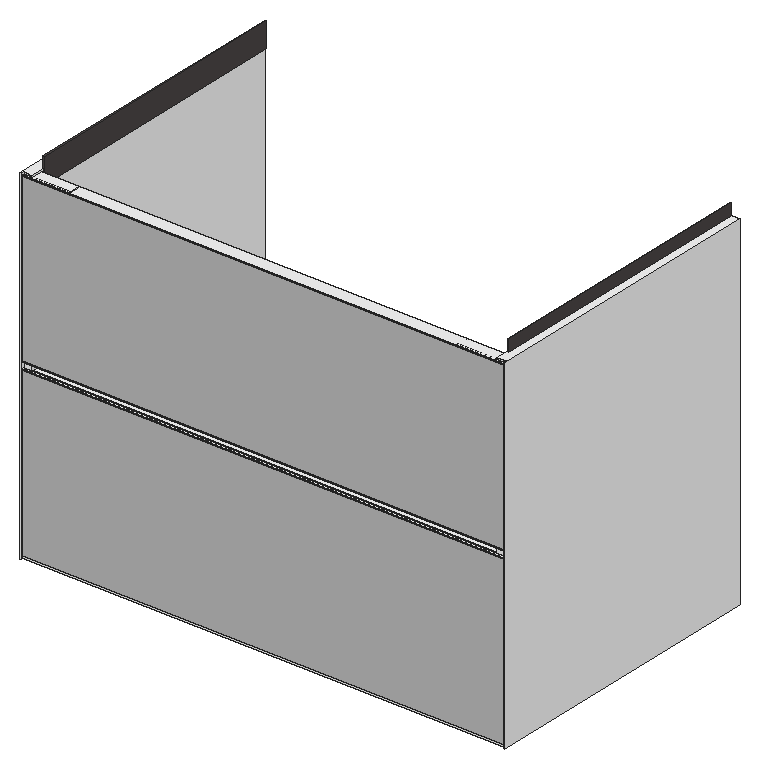
Revit family "vanity unit-hansgrohe-54178XXX-Xevolos E Vanity unit Matt White 780_475 with 2 drawers for washbasin", category Furniture, Revit 2019
Family settings
  OmniClass Number = 23.40.00.00
  OmniClass Title = Equipment and Furnishings
  Work Plane-Based = No
  Always vertical = Yes
  Cut with Voids When Loaded = No
  Shared = Yes
  Room Calculation Point = No
Parameters (values of type "54178320-MATT_WHITE-METALLIC_WHITE-400")
  etim7_EC011381 = "EC011381"
  WEIGHT = "37.3"
  UNSPSC = "56 | Furniture and Furnishings"
  UNIFORMATII = "E2010 | Fixed Furnishings"
  UNICLASS_2015_CODE = "40_30_78_05"
  UNICLASS2015 = "Pr_40_30_78_05 | Bathroom furniture"
  SURFACE = "METALLIC_WHITE"
  REGION = "Worldwide"
  PRODUCTURL = "https://pro.hansgrohe.com/articledetail--54178320"
  PERMALINK = "54178XXX"
  OMNICLASS = "23-21 19 15 33 13 | Residential Bathroom Specialty Casework"
  OBJECTTYPE = "Object (single object)"
  OBERFLAECHE = "MATT_WHITE"
  NN = "Vanity unit with 2 drawers for handrinse basin"
  NBSYN = "$ARTNR.-$OBERFLAECHE.-$SURFACE.-$LODLEVEL."
  NB = "54178320-MATT_WHITE-METALLIC_WHITE-400"
  NAME = "Xevolos E Vanity unit Matt White 780/475 with 2 drawers for washbasin"
  Model = "54178320-MATT_WHITE-METALLIC_WHITE-400"
  Manufacturer = "Hansgrohe"
  MIdent = "{$CADENAS_DATA/23d-libs/hansgrohe/xevolos_furniture/xevolos_vanity_unit_2_drawers_handrinse_basin/vanity_unit_2_drawers_for_handrinse_basin.prj},265 {VTYP=3D},{NB=54178320-MATT_WHITE-METALLIC_WHITE-400},{LINA=54178320-MATT_WHITE-METALLIC_WHITE-400},{NN=Vanity unit with 2 drawers for handrinse basin},{DATE=13.03.2023 12:26:32},{GEOMDATE=12.03.2023 06:54:00},{VERSION=},{LINEID=680},{WBVAR=LODLEVEL},{WBNUMERIC=}  {NB=54178320-MATT_WHITE-METALLIC_WHITE-400},{LINA=54178320-MATT_WHITE-METALLIC_WHITE-400},{KT=DUMMY},{IDNR=19},{ARTNR=54178320},{BASENUMBER=54178},{MODEL=54178XXX},{OBERFLAECHE=MATT_WHITE},{SURFACE=METALLIC_WHITE},{L=780},{LODLEVEL=400},{LODLEVELX='400','400','200','200'},{NAME=Xevolos E Vanity unit Matt White 780/475 with 2 drawers for washbasin},{PERMALINK=54178XXX},{OBJECTTYPE=Object (single object)},{BIMOBJECT=Sanitary: Compound units},{COLLECTIONSET=Xevolos E},{COLLECTION=vanity unit},{WEIGHT=37.3},{DESCRIPTION=Xevolos E Vanity unit Matt White 780/475 with 2 drawers for washbasin},{PRODUCTURL=https://pro.hansgrohe.com/articledetail--54178320},{GTINCODE=0},{TENDERURL=0},{IFC=Furnishing element},{ETIM=EC011381 | Bathroom furniture set},{UNICLASS2015=Pr_40_30_78_05 | Bathroom furniture},{OMNICLASS=23-21 19 15 33 13 | Residential Bathroom Specialty Casework},{MASTERFORMAT=12 35 30.23 | Bathroom Casework},{UNSPSC=56 | Furniture and Furnishings},{UNIFORMATII=E2010 | Fixed Furnishings},{REGION=Worldwide},{DESIGN=Germany},{MANUFACTURER=Germany}"
  MASTERFORMAT = "12 35 30.23 | Bathroom Casework"
  LODLEVEL = "400"
  LINA = "54178320-MATT_WHITE-METALLIC_WHITE-400"
  L = 780
  IFC = "Furnishing element"
  IDNR = 19
  ETIM = "EC011381 | Bathroom furniture set"
  DESIGN = "Germany"
  COLLECTIONSET = "Xevolos E"
  COLLECTION = "vanity unit"
  CATALOG = "Hansgrohe"
  BIMOBJECT = "Sanitary: Compound units"
  BASENUMBER = "54178"
  ARTNR = "54178320"
  54178730-MATT_WHITE-DARK_OAK-400_RX0RY0RZ0TX0TY0TZ0_V = no
  54178730-MATT_WHITE-DARK_OAK-200_RX0RY0RZ0TX0TY0TZ0_V = no
  54178390-MATT_WHITE-PATTEREND_BRONZE-400_RX0RY0RZ0TX0TY0TZ0_V = no
  54178390-MATT_WHITE-PATTEREND_BRONZE-200_RX0RY0RZ0TX0TY0TZ0_V = no
  54178320-MATT_WHITE-METALLIC_WHITE-400_RX0RY0RZ0TX0TY0TZ0_V = yes
  54178320-MATT_WHITE-METALLIC_WHITE-200_RX0RY0RZ0TX0TY0TZ0_V = no
Types (6, lengths in mm): name | SURFACE | NB | Model | MIdent | LODLEVEL | LINA | IDNR | ARTNR | 54178730-MATT_WHITE-DARK_OAK-400_RX0RY0RZ0TX0TY0TZ0_V | 54178730-MATT_WHITE-DARK_OAK-200_RX0RY0RZ0TX0TY0TZ0_V | 54178390-MATT_WHITE-PATTEREND_BRONZE-400_RX0RY0RZ0TX0TY0TZ0_V | 54178390-MATT_WHITE-PATTEREND_BRONZE-200_RX0RY0RZ0TX0TY0TZ0_V | 54178320-MATT_WHITE-METALLIC_WHITE-400_RX0RY0RZ0TX0TY0TZ0_V | 54178320-MATT_WHITE-METALLIC_WHITE-200_RX0RY0RZ0TX0TY0TZ0_V
  54178320-MATT_WHITE-METALLIC_WHITE-200 | "METALLIC_WHITE" | "54178320-MATT_WHITE-METALLIC_WHITE-200" | "54178320-MATT_WHITE-METALLIC_WHITE-200" | "{$CADENAS_DATA/23d-libs/hansgrohe/xevolos_furniture/xevolos_vanity_unit_2_drawers_handrinse_basin/vanity_unit_2_drawers_for_handrinse_basin.prj},265 {VTYP=3D},{NB=54178320-MATT_WHITE-METALLIC_WHITE-200},{LINA=54178320-MATT_WHITE-METALLIC_WHITE-200},{NN=Vanity unit with 2 drawers for handrinse basin},{DATE=13.03.2023 12:26:32},{GEOMDATE=12.03.2023 06:54:00},{VERSION=},{LINEID=680},{WBVAR=LODLEVEL},{WBNUMERIC=}  {NB=54178320-MATT_WHITE-METALLIC_WHITE-200},{LINA=54178320-MATT_WHITE-METALLIC_WHITE-200},{KT=DUMMY},{IDNR=19},{ARTNR=54178320},{BASENUMBER=54178},{MODEL=54178XXX},{OBERFLAECHE=MATT_WHITE},{SURFACE=METALLIC_WHITE},{L=780},{LODLEVEL=200},{LODLEVELX='400','400','200','200'},{NAME=Xevolos E Vanity unit Matt White 780/475 with 2 drawers for washbasin},{PERMALINK=54178XXX},{OBJECTTYPE=Object (single object)},{BIMOBJECT=Sanitary: Compound units},{COLLECTIONSET=Xevolos E},{COLLECTION=vanity unit},{WEIGHT=37.3},{DESCRIPTION=Xevolos E Vanity unit Matt White 780/475 with 2 drawers for washbasin},{PRODUCTURL=https://pro.hansgrohe.com/articledetail--54178320},{GTINCODE=0},{TENDERURL=0},{IFC=Furnishing element},{ETIM=EC011381 | Bathroom furniture set},{UNICLASS2015=Pr_40_30_78_05 | Bathroom furniture},{OMNICLASS=23-21 19 15 33 13 | Residential Bathroom Specialty Casework},{MASTERFORMAT=12 35 30.23 | Bathroom Casework},{UNSPSC=56 | Furniture and Furnishings},{UNIFORMATII=E2010 | Fixed Furnishings},{REGION=Worldwide},{DESIGN=Germany},{MANUFACTURER=Germany}" | "200" | "54178320-MATT_WHITE-METALLIC_WHITE-200" | 19 | "54178320" | no | no | no | no | no | yes
  54178320-MATT_WHITE-METALLIC_WHITE-400 | "METALLIC_WHITE" | "54178320-MATT_WHITE-METALLIC_WHITE-400" | "54178320-MATT_WHITE-METALLIC_WHITE-400" | "{$CADENAS_DATA/23d-libs/hansgrohe/xevolos_furniture/xevolos_vanity_unit_2_drawers_handrinse_basin/vanity_unit_2_drawers_for_handrinse_basin.prj},265 {VTYP=3D},{NB=54178320-MATT_WHITE-METALLIC_WHITE-400},{LINA=54178320-MATT_WHITE-METALLIC_WHITE-400},{NN=Vanity unit with 2 drawers for handrinse basin},{DATE=13.03.2023 12:26:32},{GEOMDATE=12.03.2023 06:54:00},{VERSION=},{LINEID=680},{WBVAR=LODLEVEL},{WBNUMERIC=}  {NB=54178320-MATT_WHITE-METALLIC_WHITE-400},{LINA=54178320-MATT_WHITE-METALLIC_WHITE-400},{KT=DUMMY},{IDNR=19},{ARTNR=54178320},{BASENUMBER=54178},{MODEL=54178XXX},{OBERFLAECHE=MATT_WHITE},{SURFACE=METALLIC_WHITE},{L=780},{LODLEVEL=400},{LODLEVELX='400','400','200','200'},{NAME=Xevolos E Vanity unit Matt White 780/475 with 2 drawers for washbasin},{PERMALINK=54178XXX},{OBJECTTYPE=Object (single object)},{BIMOBJECT=Sanitary: Compound units},{COLLECTIONSET=Xevolos E},{COLLECTION=vanity unit},{WEIGHT=37.3},{DESCRIPTION=Xevolos E Vanity unit Matt White 780/475 with 2 drawers for washbasin},{PRODUCTURL=https://pro.hansgrohe.com/articledetail--54178320},{GTINCODE=0},{TENDERURL=0},{IFC=Furnishing element},{ETIM=EC011381 | Bathroom furniture set},{UNICLASS2015=Pr_40_30_78_05 | Bathroom furniture},{OMNICLASS=23-21 19 15 33 13 | Residential Bathroom Specialty Casework},{MASTERFORMAT=12 35 30.23 | Bathroom Casework},{UNSPSC=56 | Furniture and Furnishings},{UNIFORMATII=E2010 | Fixed Furnishings},{REGION=Worldwide},{DESIGN=Germany},{MANUFACTURER=Germany}" | "400" | "54178320-MATT_WHITE-METALLIC_WHITE-400" | 19 | "54178320" | no | no | no | no | yes | no
  54178390-MATT_WHITE-PATTEREND_BRONZE-200 | "PATTEREND_BRONZE" | "54178390-MATT_WHITE-PATTEREND_BRONZE-200" | "54178390-MATT_WHITE-PATTEREND_BRONZE-200" | "{$CADENAS_DATA/23d-libs/hansgrohe/xevolos_furniture/xevolos_vanity_unit_2_drawers_handrinse_basin/vanity_unit_2_drawers_for_handrinse_basin.prj},269 {VTYP=3D},{NB=54178390-MATT_WHITE-PATTEREND_BRONZE-200},{LINA=54178390-MATT_WHITE-PATTEREND_BRONZE-200},{NN=Vanity unit with 2 drawers for handrinse basin},{DATE=13.03.2023 12:26:32},{GEOMDATE=12.03.2023 06:54:00},{VERSION=},{LINEID=690},{WBVAR=LODLEVEL},{WBNUMERIC=}  {NB=54178390-MATT_WHITE-PATTEREND_BRONZE-200},{LINA=54178390-MATT_WHITE-PATTEREND_BRONZE-200},{KT=DUMMY},{IDNR=20},{ARTNR=54178390},{BASENUMBER=54178},{MODEL=54178XXX},{OBERFLAECHE=MATT_WHITE},{SURFACE=PATTEREND_BRONZE},{L=780},{LODLEVEL=200},{LODLEVELX='400','400','200','200'},{NAME=Xevolos E Vanity unit Matt White 780/475 with 2 drawers for washbasin},{PERMALINK=54178XXX},{OBJECTTYPE=Object (single object)},{BIMOBJECT=Sanitary: Compound units},{COLLECTIONSET=Xevolos E},{COLLECTION=vanity unit},{WEIGHT=37.3},{DESCRIPTION=Xevolos E Vanity unit Matt White 780/475 with 2 drawers for washbasin},{PRODUCTURL=https://pro.hansgrohe.com/articledetail--54178320},{GTINCODE=0},{TENDERURL=0},{IFC=Furnishing element},{ETIM=EC011381 | Bathroom furniture set},{UNICLASS2015=Pr_40_30_78_05 | Bathroom furniture},{OMNICLASS=23-21 19 15 33 13 | Residential Bathroom Specialty Casework},{MASTERFORMAT=12 35 30.23 | Bathroom Casework},{UNSPSC=56 | Furniture and Furnishings},{UNIFORMATII=E2010 | Fixed Furnishings},{REGION=Worldwide},{DESIGN=Germany},{MANUFACTURER=Germany}" | "200" | "54178390-MATT_WHITE-PATTEREND_BRONZE-200" | 20 | "54178390" | no | no | no | yes | no | no
  54178390-MATT_WHITE-PATTEREND_BRONZE-400 | "PATTEREND_BRONZE" | "54178390-MATT_WHITE-PATTEREND_BRONZE-400" | "54178390-MATT_WHITE-PATTEREND_BRONZE-400" | "{$CADENAS_DATA/23d-libs/hansgrohe/xevolos_furniture/xevolos_vanity_unit_2_drawers_handrinse_basin/vanity_unit_2_drawers_for_handrinse_basin.prj},269 {VTYP=3D},{NB=54178390-MATT_WHITE-PATTEREND_BRONZE-400},{LINA=54178390-MATT_WHITE-PATTEREND_BRONZE-400},{NN=Vanity unit with 2 drawers for handrinse basin},{DATE=13.03.2023 12:26:32},{GEOMDATE=12.03.2023 06:54:00},{VERSION=},{LINEID=690},{WBVAR=LODLEVEL},{WBNUMERIC=}  {NB=54178390-MATT_WHITE-PATTEREND_BRONZE-400},{LINA=54178390-MATT_WHITE-PATTEREND_BRONZE-400},{KT=DUMMY},{IDNR=20},{ARTNR=54178390},{BASENUMBER=54178},{MODEL=54178XXX},{OBERFLAECHE=MATT_WHITE},{SURFACE=PATTEREND_BRONZE},{L=780},{LODLEVEL=400},{LODLEVELX='400','400','200','200'},{NAME=Xevolos E Vanity unit Matt White 780/475 with 2 drawers for washbasin},{PERMALINK=54178XXX},{OBJECTTYPE=Object (single object)},{BIMOBJECT=Sanitary: Compound units},{COLLECTIONSET=Xevolos E},{COLLECTION=vanity unit},{WEIGHT=37.3},{DESCRIPTION=Xevolos E Vanity unit Matt White 780/475 with 2 drawers for washbasin},{PRODUCTURL=https://pro.hansgrohe.com/articledetail--54178320},{GTINCODE=0},{TENDERURL=0},{IFC=Furnishing element},{ETIM=EC011381 | Bathroom furniture set},{UNICLASS2015=Pr_40_30_78_05 | Bathroom furniture},{OMNICLASS=23-21 19 15 33 13 | Residential Bathroom Specialty Casework},{MASTERFORMAT=12 35 30.23 | Bathroom Casework},{UNSPSC=56 | Furniture and Furnishings},{UNIFORMATII=E2010 | Fixed Furnishings},{REGION=Worldwide},{DESIGN=Germany},{MANUFACTURER=Germany}" | "400" | "54178390-MATT_WHITE-PATTEREND_BRONZE-400" | 20 | "54178390" | no | no | yes | no | no | no
  54178730-MATT_WHITE-DARK_OAK-200 | "DARK_OAK" | "54178730-MATT_WHITE-DARK_OAK-200" | "54178730-MATT_WHITE-DARK_OAK-200" | "{$CADENAS_DATA/23d-libs/hansgrohe/xevolos_furniture/xevolos_vanity_unit_2_drawers_handrinse_basin/vanity_unit_2_drawers_for_handrinse_basin.prj},253 {VTYP=3D},{NB=54178730-MATT_WHITE-DARK_OAK-200},{LINA=54178730-MATT_WHITE-DARK_OAK-200},{NN=Vanity unit with 2 drawers for handrinse basin},{DATE=13.03.2023 12:26:32},{GEOMDATE=12.03.2023 06:54:00},{VERSION=},{LINEID=700},{WBVAR=LODLEVEL},{WBNUMERIC=}  {NB=54178730-MATT_WHITE-DARK_OAK-200},{LINA=54178730-MATT_WHITE-DARK_OAK-200},{KT=DUMMY},{IDNR=21},{ARTNR=54178730},{BASENUMBER=54178},{MODEL=54178XXX},{OBERFLAECHE=MATT_WHITE},{SURFACE=DARK_OAK},{L=780},{LODLEVEL=200},{LODLEVELX='400','400','200','200'},{NAME=Xevolos E Vanity unit Matt White 780/475 with 2 drawers for washbasin},{PERMALINK=54178XXX},{OBJECTTYPE=Object (single object)},{BIMOBJECT=Sanitary: Compound units},{COLLECTIONSET=Xevolos E},{COLLECTION=vanity unit},{WEIGHT=37.3},{DESCRIPTION=Xevolos E Vanity unit Matt White 780/475 with 2 drawers for washbasin},{PRODUCTURL=https://pro.hansgrohe.com/articledetail--54178320},{GTINCODE=0},{TENDERURL=0},{IFC=Furnishing element},{ETIM=EC011381 | Bathroom furniture set},{UNICLASS2015=Pr_40_30_78_05 | Bathroom furniture},{OMNICLASS=23-21 19 15 33 13 | Residential Bathroom Specialty Casework},{MASTERFORMAT=12 35 30.23 | Bathroom Casework},{UNSPSC=56 | Furniture and Furnishings},{UNIFORMATII=E2010 | Fixed Furnishings},{REGION=Worldwide},{DESIGN=Germany},{MANUFACTURER=Germany}" | "200" | "54178730-MATT_WHITE-DARK_OAK-200" | 21 | "54178730" | no | yes | no | no | no | no
  54178730-MATT_WHITE-DARK_OAK-400 | "DARK_OAK" | "54178730-MATT_WHITE-DARK_OAK-400" | "54178730-MATT_WHITE-DARK_OAK-400" | "{$CADENAS_DATA/23d-libs/hansgrohe/xevolos_furniture/xevolos_vanity_unit_2_drawers_handrinse_basin/vanity_unit_2_drawers_for_handrinse_basin.prj},253 {VTYP=3D},{NB=54178730-MATT_WHITE-DARK_OAK-400},{LINA=54178730-MATT_WHITE-DARK_OAK-400},{NN=Vanity unit with 2 drawers for handrinse basin},{DATE=13.03.2023 12:26:32},{GEOMDATE=12.03.2023 06:54:00},{VERSION=},{LINEID=700},{WBVAR=LODLEVEL},{WBNUMERIC=}  {NB=54178730-MATT_WHITE-DARK_OAK-400},{LINA=54178730-MATT_WHITE-DARK_OAK-400},{KT=DUMMY},{IDNR=21},{ARTNR=54178730},{BASENUMBER=54178},{MODEL=54178XXX},{OBERFLAECHE=MATT_WHITE},{SURFACE=DARK_OAK},{L=780},{LODLEVEL=400},{LODLEVELX='400','400','200','200'},{NAME=Xevolos E Vanity unit Matt White 780/475 with 2 drawers for washbasin},{PERMALINK=54178XXX},{OBJECTTYPE=Object (single object)},{BIMOBJECT=Sanitary: Compound units},{COLLECTIONSET=Xevolos E},{COLLECTION=vanity unit},{WEIGHT=37.3},{DESCRIPTION=Xevolos E Vanity unit Matt White 780/475 with 2 drawers for washbasin},{PRODUCTURL=https://pro.hansgrohe.com/articledetail--54178320},{GTINCODE=0},{TENDERURL=0},{IFC=Furnishing element},{ETIM=EC011381 | Bathroom furniture set},{UNICLASS2015=Pr_40_30_78_05 | Bathroom furniture},{OMNICLASS=23-21 19 15 33 13 | Residential Bathroom Specialty Casework},{MASTERFORMAT=12 35 30.23 | Bathroom Casework},{UNSPSC=56 | Furniture and Furnishings},{UNIFORMATII=E2010 | Fixed Furnishings},{REGION=Worldwide},{DESIGN=Germany},{MANUFACTURER=Germany}" | "400" | "54178730-MATT_WHITE-DARK_OAK-400" | 21 | "54178730" | yes | no | no | no | no | no
Reference planes
  plane 1 "Center (Front/Back)": y = 0
  plane 2: z = 0
  plane 3 "Center (Left/Right)": x = 0
Dimensions and locks
  aligned and locked: level to plane 2
Nested families
  nested 1: "54178320-matt_white-metallic_white-200_content" at (0, 0, 0), visible <- "54178320-MATT_WHITE-METALLIC_WHITE-200_RX0RY0RZ0TX0TY0TZ0_V", ContentVisible <- "54178320-MATT_WHITE-METALLIC_WHITE-200_RX0RY0RZ0TX0TY0TZ0_V", type "54178320-MATT_WHITE-METALLIC_WHITE-200_Content"
    with ContentVisible no
  nested 2: "54178320-matt_white-metallic_white-400_content" at (0, 0, 0), visible <- "54178320-MATT_WHITE-METALLIC_WHITE-400_RX0RY0RZ0TX0TY0TZ0_V", ContentVisible <- "54178320-MATT_WHITE-METALLIC_WHITE-400_RX0RY0RZ0TX0TY0TZ0_V", type "54178320-MATT_WHITE-METALLIC_WHITE-400_Content"
    with ContentVisible yes
  nested 3: "54178390-matt_white-patterend_bronze-200_content" at (0, 0, 0), visible <- "54178390-MATT_WHITE-PATTEREND_BRONZE-200_RX0RY0RZ0TX0TY0TZ0_V", ContentVisible <- "54178390-MATT_WHITE-PATTEREND_BRONZE-200_RX0RY0RZ0TX0TY0TZ0_V", type "54178390-MATT_WHITE-PATTEREND_BRONZE-200_Content"
    with ContentVisible no
  nested 4: "54178390-matt_white-patterend_bronze-400_content" at (0, 0, 0), visible <- "54178390-MATT_WHITE-PATTEREND_BRONZE-400_RX0RY0RZ0TX0TY0TZ0_V", ContentVisible <- "54178390-MATT_WHITE-PATTEREND_BRONZE-400_RX0RY0RZ0TX0TY0TZ0_V", type "54178390-MATT_WHITE-PATTEREND_BRONZE-400_Content"
    with ContentVisible no
  nested 5: "54178730-matt_white-dark_oak-200_content" at (0, 0, 0), visible <- "54178730-MATT_WHITE-DARK_OAK-200_RX0RY0RZ0TX0TY0TZ0_V", ContentVisible <- "54178730-MATT_WHITE-DARK_OAK-200_RX0RY0RZ0TX0TY0TZ0_V", type "54178730-MATT_WHITE-DARK_OAK-200_Content"
    with ContentVisible no
  nested 6: "54178730-matt_white-dark_oak-400_content" at (0, 0, 0), visible <- "54178730-MATT_WHITE-DARK_OAK-400_RX0RY0RZ0TX0TY0TZ0_V", ContentVisible <- "54178730-MATT_WHITE-DARK_OAK-400_RX0RY0RZ0TX0TY0TZ0_V", type "54178730-MATT_WHITE-DARK_OAK-400_Content"
    with ContentVisible no
Definition of nested family "54178320-matt_white-metallic_white-400_content"
  Parameters (values of type "54178320-MATT_WHITE-METALLIC_WHITE-400_Content")
    etim7_EC011381 = "EC011381"
    WEIGHT = "37.3"
    UNSPSC = "56 | Furniture and Furnishings"
    UNIFORMATII = "E2010 | Fixed Furnishings"
    UNICLASS_2015_CODE = "40_30_78_05"
    UNICLASS2015 = "Pr_40_30_78_05 | Bathroom furniture"
    SURFACE = "METALLIC_WHITE"
    REGION = "Worldwide"
    PRODUCTURL = "https://pro.hansgrohe.com/articledetail--54178320"
    PERMALINK = "54178XXX"
    OMNICLASS = "23-21 19 15 33 13 | Residential Bathroom Specialty Casework"
    OBJECTTYPE = "Object (single object)"
    OBERFLAECHE = "MATT_WHITE"
    NN = "Vanity unit with 2 drawers for handrinse basin"
    NBSYN = "$ARTNR.-$OBERFLAECHE.-$SURFACE.-$LODLEVEL."
    NB = "54178320-MATT_WHITE-METALLIC_WHITE-400"
    NAME = "Xevolos E Vanity unit Matt White 780/475 with 2 drawers for washbasin"
    Model = "54178320-MATT_WHITE-METALLIC_WHITE-400"
    Manufacturer = "Hansgrohe"
    MASTERFORMAT = "12 35 30.23 | Bathroom Casework"
    LODLEVEL = "400"
    LINA = "54178320-MATT_WHITE-METALLIC_WHITE-400"
    L = 780
    IFC = "Furnishing element"
    IDNR = 19
    ETIM = "EC011381 | Bathroom furniture set"
    Default Elevation = 1219.2 mm
    DESIGN = "Germany"
    ContentVisible [instance] = yes
    COLLECTIONSET = "Xevolos E"
    COLLECTION = "vanity unit"
    CATALOG = "Hansgrohe"
    BIMOBJECT = "Sanitary: Compound units"
    BASENUMBER = "54178"
    ARTNR = "54178320"
  Reference planes
    plane 1 "Center (Front/Back)": y = 0
    plane 2: z = 0
    plane 3 "Center (Left/Right)": x = 0
  Forms (mm)
    Extrusion 1, solid, visible <- "ContentVisible", detail levels medium+fine
      sketch origin (0, 0, 0) x (1, 0, 0) y (0, 1, 0)
        loop
          line (-390, 0) -> (-390, -472.3) -> (-388, -472.3) -> (-388, -468.3) -> (-374, -468.3) -> (-374, 0) -> (-390, 0)
      from 0 to 556
    Extrusion 2, solid, visible <- "ContentVisible", detail levels medium+fine
      sketch origin (0, 0, 0) x (1, 0, 0) y (0, 1, 0)
        loop
          line (-374, -79) -> (-374, -445.5) -> (374, -445.5) -> (374, -79) -> (-374, -79)
      from 0 to 16
    Extrusion 3, solid, visible <- "ContentVisible", detail levels medium+fine
      sketch origin (0, 0, 0) x (1, 0, 0) y (0, 1, 0)
        loop
          line (374, 0) -> (374, -468.3) -> (388, -468.3) -> (388, -472.3) -> (390, -472.3) -> (390, 0) -> (374, 0)
      from 0 to 556
    Extrusion 4, solid, visible <- "ContentVisible", detail levels medium+fine
      sketch origin (0, 0, 0.5) x (1, 0, 0) y (0, 1, 0)
        loop
          line (-374, -63) -> (-374, -79) -> (374, -79) -> (374, -63) -> (-374, -63)
      from 0 to 126
    Extrusion 5, solid, visible <- "ContentVisible", detail levels medium+fine
      sketch origin (0, 0, 2) x (1, 0, 0) y (0, 1, 0)
        loop
          line (-388, -451) -> (-388, -472.3) -> (388, -472.3) -> (388, -451) -> (-388, -451)
      from 0 to 2
    Extrusion 6, solid, visible <- "ContentVisible", detail levels medium+fine
      sketch origin (0, 0, 554) x (1, 0, 0) y (0, 1, 0)
        loop
          line (-388, -451) -> (-388, -472.3) -> (388, -472.3) -> (388, -451) -> (-388, -451)
      from -2 to 0
    Extrusion 7, solid, visible <- "ContentVisible", detail levels medium+fine
      sketch origin (0, -468.3, 0) x (1, 0, 0) y (0, 0, -1)
        loop
          line (-388, -272.5) -> (388, -272.5) -> (388, -4.5) -> (-388, -4.5) -> (-388, -272.5)
      from -4 to 0
    Extrusion 8, solid, visible <- "ContentVisible", detail levels medium+fine
      sketch origin (0, -468.3, 0) x (1, 0, 0) y (0, 0, -1)
        loop
          line (-388, -553.5) -> (388, -553.5) -> (388, -285.5) -> (-388, -285.5) -> (-388, -553.5)
      from -4 to 0
    Extrusion 9, solid, visible <- "ContentVisible", detail levels medium+fine
      sketch origin (0, 0, 272.5) x (1, 0, 0) y (0, 1, 0)
        loop
          line (-388, -451) -> (-388, -472.3) -> (388, -472.3) -> (388, -451) -> (-388, -451)
      from 0 to 2
    Extrusion 10, solid, visible <- "ContentVisible", detail levels medium+fine
      sketch origin (0, 0, 285.5) x (1, 0, 0) y (0, 1, 0)
        loop
          line (-388, -451) -> (-388, -472.3) -> (388, -472.3) -> (388, -451) -> (-388, -451)
      from -2 to 0
    Extrusion 11, solid, visible <- "ContentVisible", detail levels medium+fine
      sketch origin (0, -468.3, 0) x (1, 0, 0) y (0, 0, -1)
        loop
          line (-388, -274.5) -> (388, -274.5) -> (388, -4.5) -> (-388, -4.5) -> (-388, -274.5)
        loop
          line (-314, -78) -> (-314, -272.5) -> (314, -272.5) -> (314, -78) -> (-314, -78)
      from 0 to 17
    Extrusion 12, solid, visible <- "ContentVisible", detail levels medium+fine
      sketch origin (0, -468.3, 0) x (1, 0, 0) y (0, 0, -1)
        loop
          line (-388, -553.5) -> (-312, -553.5) -> (-312, -361.5) -> (312, -361.5) -> (312, -553.5) -> (388, -553.5) -> (388, -285.5) -> (-388, -285.5) -> (-388, -553.5)
      from 0 to 17
    Extrusion 13, solid, visible <- "ContentVisible", detail levels medium+fine
      sketch origin (-374, 0, 0) x (0, 0, -1) y (0, 1, 0)
        loop
          line (-574, 0) -> (-574, -446) -> (-534, -446) -> (-534, 0) -> (-574, 0)
      from 0 to 2
    Extrusion 14, solid, visible <- "ContentVisible", detail levels medium+fine
      sketch origin (374, 0, 0) x (0, 0, -1) y (0, 1, 0)
        loop
          line (-574, 0) -> (-574, -446) -> (-534, -446) -> (-534, 0) -> (-574, 0)
      from 0 to 2
    Extrusion 15, solid, visible <- "ContentVisible", detail levels medium+fine
      sketch origin (0, 0, 0) x (0, 0, -1) y (0, 1, 0)
        loop
          line (-285, -319.5) -> (-285, -444) -> (-269, -444) -> (-269, -319.5) -> (-285, -319.5)
      from -374 to 374
    Extrusion 16, solid, visible <- "ContentVisible", detail levels coarse
      sketch origin (0, -236.15, 0) x (1, 0, 0) y (0, 1, 0)
        loop
          line (-390, -236.15) -> (390, -236.15) -> (390, 236.15) -> (-390, 236.15) -> (-390, -236.15)
      from 0 to 574
  Dimensions and locks
    aligned and locked: level to plane 2
Definition of nested family "54178320-matt_white-metallic_white-200_content"
  Parameters (values of type "54178320-MATT_WHITE-METALLIC_WHITE-200_Content")
    etim7_EC011381 = "EC011381"
    WEIGHT = "37.3"
    UNSPSC = "56 | Furniture and Furnishings"
    UNIFORMATII = "E2010 | Fixed Furnishings"
    UNICLASS_2015_CODE = "40_30_78_05"
    UNICLASS2015 = "Pr_40_30_78_05 | Bathroom furniture"
    SURFACE = "METALLIC_WHITE"
    REGION = "Worldwide"
    PRODUCTURL = "https://pro.hansgrohe.com/articledetail--54178320"
    PERMALINK = "54178XXX"
    OMNICLASS = "23-21 19 15 33 13 | Residential Bathroom Specialty Casework"
    OBJECTTYPE = "Object (single object)"
    OBERFLAECHE = "MATT_WHITE"
    NN = "Vanity unit with 2 drawers for handrinse basin"
    NBSYN = "$ARTNR.-$OBERFLAECHE.-$SURFACE.-$LODLEVEL."
    NB = "54178320-MATT_WHITE-METALLIC_WHITE-200"
    NAME = "Xevolos E Vanity unit Matt White 780/475 with 2 drawers for washbasin"
    Model = "54178320-MATT_WHITE-METALLIC_WHITE-200"
    Manufacturer = "Hansgrohe"
    MASTERFORMAT = "12 35 30.23 | Bathroom Casework"
    LODLEVEL = "200"
    LINA = "54178320-MATT_WHITE-METALLIC_WHITE-200"
    L = 780
    IFC = "Furnishing element"
    IDNR = 19
    ETIM = "EC011381 | Bathroom furniture set"
    Default Elevation = 1219.2 mm
    DESIGN = "Germany"
    ContentVisible [instance] = yes
    COLLECTIONSET = "Xevolos E"
    COLLECTION = "vanity unit"
    CATALOG = "Hansgrohe"
    BIMOBJECT = "Sanitary: Compound units"
    BASENUMBER = "54178"
    ARTNR = "54178320"
  Reference planes
    plane 1 "Center (Front/Back)": y = 0
    plane 2: z = 0
    plane 3 "Center (Left/Right)": x = 0
  Forms (mm)
    Extrusion 1, solid, visible <- "ContentVisible", detail levels medium+fine
      sketch origin (0, 0, 0) x (1, 0, 0) y (0, 1, 0)
        loop
          line (-390, 0) -> (-390, -468.3) -> (390, -468.3) -> (390, 0) -> (-390, 0)
      from 0 to 556
    Extrusion 2, solid, visible <- "ContentVisible", detail levels medium+fine
      sketch origin (0, -468.3, 0) x (1, 0, 0) y (0, 0, -1)
        loop
          line (-390, -278) -> (-388, -278) -> (-388, -4) -> (388, -4) -> (388, -278) -> (390, -278) -> (390, -2) -> (-390, -2) -> (-390, -278)
      from -4 to 0
    Extrusion 3, solid, visible <- "ContentVisible", detail levels medium+fine
      sketch origin (0, -468.3, 0) x (1, 0, 0) y (0, 0, -1)
        loop
          line (-390, -278) -> (-390, -554) -> (390, -554) -> (390, -278) -> (388, -278) -> (388, -552) -> (-388, -552) -> (-388, -278) -> (-390, -278)
      from -4 to 0
    Extrusion 4, solid, visible <- "ContentVisible", detail levels medium+fine
      sketch origin (0, -468.3, 0) x (1, 0, 0) y (0, 0, -1)
        loop
          line (-388, -272.5) -> (388, -272.5) -> (388, -4.5) -> (-388, -4.5) -> (-388, -272.5)
      from -4 to 0
    Extrusion 5, solid, visible <- "ContentVisible", detail levels medium+fine
      sketch origin (0, -468.3, 0) x (1, 0, 0) y (0, 0, -1)
        loop
          line (-388, -553.5) -> (388, -553.5) -> (388, -285.5) -> (-388, -285.5) -> (-388, -553.5)
      from -4 to 0
    Extrusion 6, solid, visible <- "ContentVisible", detail levels medium+fine
      sketch origin (-374, 0, 0) x (0, 0, -1) y (0, 1, 0)
        loop
          line (-574, 0) -> (-574, -446) -> (-534, -446) -> (-534, 0) -> (-574, 0)
      from 0 to 2
    Extrusion 7, solid, visible <- "ContentVisible", detail levels medium+fine
      sketch origin (374, 0, 0) x (0, 0, -1) y (0, 1, 0)
        loop
          line (-574, 0) -> (-574, -446) -> (-534, -446) -> (-534, 0) -> (-574, 0)
      from 0 to 2
    Extrusion 8, solid, visible <- "ContentVisible", detail levels coarse
      sketch origin (0, -236.15, 0) x (1, 0, 0) y (0, 1, 0)
        loop
          line (-390, -236.15) -> (390, -236.15) -> (390, 236.15) -> (-390, 236.15) -> (-390, -236.15)
      from 0 to 574
  Dimensions and locks
    aligned and locked: level to plane 2
Definition of nested family "54178390-matt_white-patterend_bronze-200_content"
  Parameters (values of type "54178390-MATT_WHITE-PATTEREND_BRONZE-200_Content")
    etim7_EC011381 = "EC011381"
    WEIGHT = "37.3"
    UNSPSC = "56 | Furniture and Furnishings"
    UNIFORMATII = "E2010 | Fixed Furnishings"
    UNICLASS_2015_CODE = "40_30_78_05"
    UNICLASS2015 = "Pr_40_30_78_05 | Bathroom furniture"
    SURFACE = "PATTEREND_BRONZE"
    REGION = "Worldwide"
    PRODUCTURL = "https://pro.hansgrohe.com/articledetail--54178320"
    PERMALINK = "54178XXX"
    OMNICLASS = "23-21 19 15 33 13 | Residential Bathroom Specialty Casework"
    OBJECTTYPE = "Object (single object)"
    OBERFLAECHE = "MATT_WHITE"
    NN = "Vanity unit with 2 drawers for handrinse basin"
    NBSYN = "$ARTNR.-$OBERFLAECHE.-$SURFACE.-$LODLEVEL."
    NB = "54178390-MATT_WHITE-PATTEREND_BRONZE-200"
    NAME = "Xevolos E Vanity unit Matt White 780/475 with 2 drawers for washbasin"
    Model = "54178390-MATT_WHITE-PATTEREND_BRONZE-200"
    Manufacturer = "Hansgrohe"
    MASTERFORMAT = "12 35 30.23 | Bathroom Casework"
    LODLEVEL = "200"
    LINA = "54178390-MATT_WHITE-PATTEREND_BRONZE-200"
    L = 780
    IFC = "Furnishing element"
    IDNR = 20
    ETIM = "EC011381 | Bathroom furniture set"
    Default Elevation = 1219.2 mm
    DESIGN = "Germany"
    ContentVisible [instance] = yes
    COLLECTIONSET = "Xevolos E"
    COLLECTION = "vanity unit"
    CATALOG = "Hansgrohe"
    BIMOBJECT = "Sanitary: Compound units"
    BASENUMBER = "54178"
    ARTNR = "54178390"
  Reference planes
    plane 1 "Center (Front/Back)": y = 0
    plane 2: z = 0
    plane 3 "Center (Left/Right)": x = 0
  Forms (mm)
    Extrusion 1, solid, visible <- "ContentVisible", detail levels medium+fine
      sketch origin (0, 0, 0) x (1, 0, 0) y (0, 1, 0)
        loop
          line (-390, 0) -> (-390, -468.3) -> (390, -468.3) -> (390, 0) -> (-390, 0)
      from 0 to 556
    Extrusion 2, solid, visible <- "ContentVisible", detail levels medium+fine
      sketch origin (0, -468.3, 0) x (1, 0, 0) y (0, 0, -1)
        loop
          line (-390, -278) -> (-388, -278) -> (-388, -4) -> (388, -4) -> (388, -278) -> (390, -278) -> (390, -2) -> (-390, -2) -> (-390, -278)
      from -4 to 0
    Extrusion 3, solid, visible <- "ContentVisible", detail levels medium+fine
      sketch origin (0, -468.3, 0) x (1, 0, 0) y (0, 0, -1)
        loop
          line (-390, -278) -> (-390, -554) -> (390, -554) -> (390, -278) -> (388, -278) -> (388, -552) -> (-388, -552) -> (-388, -278) -> (-390, -278)
      from -4 to 0
    Extrusion 4, solid, visible <- "ContentVisible", detail levels medium+fine
      sketch origin (0, -468.3, 0) x (1, 0, 0) y (0, 0, -1)
        loop
          line (-388, -272.5) -> (388, -272.5) -> (388, -4.5) -> (-388, -4.5) -> (-388, -272.5)
      from -4 to 0
    Extrusion 5, solid, visible <- "ContentVisible", detail levels medium+fine
      sketch origin (0, -468.3, 0) x (1, 0, 0) y (0, 0, -1)
        loop
          line (-388, -553.5) -> (388, -553.5) -> (388, -285.5) -> (-388, -285.5) -> (-388, -553.5)
      from -4 to 0
    Extrusion 6, solid, visible <- "ContentVisible", detail levels medium+fine
      sketch origin (-374, 0, 0) x (0, 0, -1) y (0, 1, 0)
        loop
          line (-574, 0) -> (-574, -446) -> (-534, -446) -> (-534, 0) -> (-574, 0)
      from 0 to 2
    Extrusion 7, solid, visible <- "ContentVisible", detail levels medium+fine
      sketch origin (374, 0, 0) x (0, 0, -1) y (0, 1, 0)
        loop
          line (-574, 0) -> (-574, -446) -> (-534, -446) -> (-534, 0) -> (-574, 0)
      from 0 to 2
    Extrusion 8, solid, visible <- "ContentVisible", detail levels coarse
      sketch origin (0, -236.15, 0) x (1, 0, 0) y (0, 1, 0)
        loop
          line (-390, -236.15) -> (390, -236.15) -> (390, 236.15) -> (-390, 236.15) -> (-390, -236.15)
      from 0 to 574
  Dimensions and locks
    aligned and locked: level to plane 2
Definition of nested family "54178390-matt_white-patterend_bronze-400_content"
  Parameters (values of type "54178390-MATT_WHITE-PATTEREND_BRONZE-400_Content")
    etim7_EC011381 = "EC011381"
    WEIGHT = "37.3"
    UNSPSC = "56 | Furniture and Furnishings"
    UNIFORMATII = "E2010 | Fixed Furnishings"
    UNICLASS_2015_CODE = "40_30_78_05"
    UNICLASS2015 = "Pr_40_30_78_05 | Bathroom furniture"
    SURFACE = "PATTEREND_BRONZE"
    REGION = "Worldwide"
    PRODUCTURL = "https://pro.hansgrohe.com/articledetail--54178320"
    PERMALINK = "54178XXX"
    OMNICLASS = "23-21 19 15 33 13 | Residential Bathroom Specialty Casework"
    OBJECTTYPE = "Object (single object)"
    OBERFLAECHE = "MATT_WHITE"
    NN = "Vanity unit with 2 drawers for handrinse basin"
    NBSYN = "$ARTNR.-$OBERFLAECHE.-$SURFACE.-$LODLEVEL."
    NB = "54178390-MATT_WHITE-PATTEREND_BRONZE-400"
    NAME = "Xevolos E Vanity unit Matt White 780/475 with 2 drawers for washbasin"
    Model = "54178390-MATT_WHITE-PATTEREND_BRONZE-400"
    Manufacturer = "Hansgrohe"
    MASTERFORMAT = "12 35 30.23 | Bathroom Casework"
    LODLEVEL = "400"
    LINA = "54178390-MATT_WHITE-PATTEREND_BRONZE-400"
    L = 780
    IFC = "Furnishing element"
    IDNR = 20
    ETIM = "EC011381 | Bathroom furniture set"
    Default Elevation = 1219.2 mm
    DESIGN = "Germany"
    ContentVisible [instance] = yes
    COLLECTIONSET = "Xevolos E"
    COLLECTION = "vanity unit"
    CATALOG = "Hansgrohe"
    BIMOBJECT = "Sanitary: Compound units"
    BASENUMBER = "54178"
    ARTNR = "54178390"
  Reference planes
    plane 1 "Center (Front/Back)": y = 0
    plane 2: z = 0
    plane 3 "Center (Left/Right)": x = 0
  Forms (mm)
    Extrusion 1, solid, visible <- "ContentVisible", detail levels medium+fine
      sketch origin (0, 0, 0) x (1, 0, 0) y (0, 1, 0)
        loop
          line (-390, 0) -> (-390, -472.3) -> (-388, -472.3) -> (-388, -468.3) -> (-374, -468.3) -> (-374, 0) -> (-390, 0)
      from 0 to 556
    Extrusion 2, solid, visible <- "ContentVisible", detail levels medium+fine
      sketch origin (0, 0, 0) x (1, 0, 0) y (0, 1, 0)
        loop
          line (-374, -79) -> (-374, -445.5) -> (374, -445.5) -> (374, -79) -> (-374, -79)
      from 0 to 16
    Extrusion 3, solid, visible <- "ContentVisible", detail levels medium+fine
      sketch origin (0, 0, 0) x (1, 0, 0) y (0, 1, 0)
        loop
          line (374, 0) -> (374, -468.3) -> (388, -468.3) -> (388, -472.3) -> (390, -472.3) -> (390, 0) -> (374, 0)
      from 0 to 556
    Extrusion 4, solid, visible <- "ContentVisible", detail levels medium+fine
      sketch origin (0, 0, 0.5) x (1, 0, 0) y (0, 1, 0)
        loop
          line (-374, -63) -> (-374, -79) -> (374, -79) -> (374, -63) -> (-374, -63)
      from 0 to 126
    Extrusion 5, solid, visible <- "ContentVisible", detail levels medium+fine
      sketch origin (0, 0, 2) x (1, 0, 0) y (0, 1, 0)
        loop
          line (-388, -451) -> (-388, -472.3) -> (388, -472.3) -> (388, -451) -> (-388, -451)
      from 0 to 2
    Extrusion 6, solid, visible <- "ContentVisible", detail levels medium+fine
      sketch origin (0, 0, 554) x (1, 0, 0) y (0, 1, 0)
        loop
          line (-388, -451) -> (-388, -472.3) -> (388, -472.3) -> (388, -451) -> (-388, -451)
      from -2 to 0
    Extrusion 7, solid, visible <- "ContentVisible", detail levels medium+fine
      sketch origin (0, -468.3, 0) x (1, 0, 0) y (0, 0, -1)
        loop
          line (-388, -272.5) -> (388, -272.5) -> (388, -4.5) -> (-388, -4.5) -> (-388, -272.5)
      from -4 to 0
    Extrusion 8, solid, visible <- "ContentVisible", detail levels medium+fine
      sketch origin (0, -468.3, 0) x (1, 0, 0) y (0, 0, -1)
        loop
          line (-388, -553.5) -> (388, -553.5) -> (388, -285.5) -> (-388, -285.5) -> (-388, -553.5)
      from -4 to 0
    Extrusion 9, solid, visible <- "ContentVisible", detail levels medium+fine
      sketch origin (0, 0, 272.5) x (1, 0, 0) y (0, 1, 0)
        loop
          line (-388, -451) -> (-388, -472.3) -> (388, -472.3) -> (388, -451) -> (-388, -451)
      from 0 to 2
    Extrusion 10, solid, visible <- "ContentVisible", detail levels medium+fine
      sketch origin (0, 0, 285.5) x (1, 0, 0) y (0, 1, 0)
        loop
          line (-388, -451) -> (-388, -472.3) -> (388, -472.3) -> (388, -451) -> (-388, -451)
      from -2 to 0
    Extrusion 11, solid, visible <- "ContentVisible", detail levels medium+fine
      sketch origin (0, -468.3, 0) x (1, 0, 0) y (0, 0, -1)
        loop
          line (-388, -274.5) -> (388, -274.5) -> (388, -4.5) -> (-388, -4.5) -> (-388, -274.5)
        loop
          line (-314, -78) -> (-314, -272.5) -> (314, -272.5) -> (314, -78) -> (-314, -78)
      from 0 to 17
    Extrusion 12, solid, visible <- "ContentVisible", detail levels medium+fine
      sketch origin (0, -468.3, 0) x (1, 0, 0) y (0, 0, -1)
        loop
          line (-388, -553.5) -> (-312, -553.5) -> (-312, -361.5) -> (312, -361.5) -> (312, -553.5) -> (388, -553.5) -> (388, -285.5) -> (-388, -285.5) -> (-388, -553.5)
      from 0 to 17
    Extrusion 13, solid, visible <- "ContentVisible", detail levels medium+fine
      sketch origin (-374, 0, 0) x (0, 0, -1) y (0, 1, 0)
        loop
          line (-574, 0) -> (-574, -446) -> (-534, -446) -> (-534, 0) -> (-574, 0)
      from 0 to 2
    Extrusion 14, solid, visible <- "ContentVisible", detail levels medium+fine
      sketch origin (374, 0, 0) x (0, 0, -1) y (0, 1, 0)
        loop
          line (-574, 0) -> (-574, -446) -> (-534, -446) -> (-534, 0) -> (-574, 0)
      from 0 to 2
    Extrusion 15, solid, visible <- "ContentVisible", detail levels medium+fine
      sketch origin (0, 0, 0) x (0, 0, -1) y (0, 1, 0)
        loop
          line (-285, -319.5) -> (-285, -444) -> (-269, -444) -> (-269, -319.5) -> (-285, -319.5)
      from -374 to 374
    Extrusion 16, solid, visible <- "ContentVisible", detail levels coarse
      sketch origin (0, -236.15, 0) x (1, 0, 0) y (0, 1, 0)
        loop
          line (-390, -236.15) -> (390, -236.15) -> (390, 236.15) -> (-390, 236.15) -> (-390, -236.15)
      from 0 to 574
  Dimensions and locks
    aligned and locked: level to plane 2
Definition of nested family "54178730-matt_white-dark_oak-200_content"
  Parameters (values of type "54178730-MATT_WHITE-DARK_OAK-200_Content")
    etim7_EC011381 = "EC011381"
    WEIGHT = "37.3"
    UNSPSC = "56 | Furniture and Furnishings"
    UNIFORMATII = "E2010 | Fixed Furnishings"
    UNICLASS_2015_CODE = "40_30_78_05"
    UNICLASS2015 = "Pr_40_30_78_05 | Bathroom furniture"
    SURFACE = "DARK_OAK"
    REGION = "Worldwide"
    PRODUCTURL = "https://pro.hansgrohe.com/articledetail--54178320"
    PERMALINK = "54178XXX"
    OMNICLASS = "23-21 19 15 33 13 | Residential Bathroom Specialty Casework"
    OBJECTTYPE = "Object (single object)"
    OBERFLAECHE = "MATT_WHITE"
    NN = "Vanity unit with 2 drawers for handrinse basin"
    NBSYN = "$ARTNR.-$OBERFLAECHE.-$SURFACE.-$LODLEVEL."
    NB = "54178730-MATT_WHITE-DARK_OAK-200"
    NAME = "Xevolos E Vanity unit Matt White 780/475 with 2 drawers for washbasin"
    Model = "54178730-MATT_WHITE-DARK_OAK-200"
    Manufacturer = "Hansgrohe"
    MASTERFORMAT = "12 35 30.23 | Bathroom Casework"
    LODLEVEL = "200"
    LINA = "54178730-MATT_WHITE-DARK_OAK-200"
    L = 780
    IFC = "Furnishing element"
    IDNR = 21
    ETIM = "EC011381 | Bathroom furniture set"
    Default Elevation = 1219.2 mm
    DESIGN = "Germany"
    ContentVisible [instance] = yes
    COLLECTIONSET = "Xevolos E"
    COLLECTION = "vanity unit"
    CATALOG = "Hansgrohe"
    BIMOBJECT = "Sanitary: Compound units"
    BASENUMBER = "54178"
    ARTNR = "54178730"
  Reference planes
    plane 1 "Center (Front/Back)": y = 0
    plane 2: z = 0
    plane 3 "Center (Left/Right)": x = 0
  Forms (mm)
    Extrusion 1, solid, visible <- "ContentVisible", detail levels medium+fine
      sketch origin (0, 0, 0) x (1, 0, 0) y (0, 1, 0)
        loop
          line (-390, 0) -> (-390, -468.3) -> (390, -468.3) -> (390, 0) -> (-390, 0)
      from 0 to 556
    Extrusion 2, solid, visible <- "ContentVisible", detail levels medium+fine
      sketch origin (0, -468.3, 0) x (1, 0, 0) y (0, 0, -1)
        loop
          line (-390, -278) -> (-388, -278) -> (-388, -4) -> (388, -4) -> (388, -278) -> (390, -278) -> (390, -2) -> (-390, -2) -> (-390, -278)
      from -4 to 0
    Extrusion 3, solid, visible <- "ContentVisible", detail levels medium+fine
      sketch origin (0, -468.3, 0) x (1, 0, 0) y (0, 0, -1)
        loop
          line (-390, -278) -> (-390, -554) -> (390, -554) -> (390, -278) -> (388, -278) -> (388, -552) -> (-388, -552) -> (-388, -278) -> (-390, -278)
      from -4 to 0
    Extrusion 4, solid, visible <- "ContentVisible", detail levels medium+fine
      sketch origin (0, -468.3, 0) x (1, 0, 0) y (0, 0, -1)
        loop
          line (-388, -272.5) -> (388, -272.5) -> (388, -4.5) -> (-388, -4.5) -> (-388, -272.5)
      from -4 to 0
    Extrusion 5, solid, visible <- "ContentVisible", detail levels medium+fine
      sketch origin (0, -468.3, 0) x (1, 0, 0) y (0, 0, -1)
        loop
          line (-388, -553.5) -> (388, -553.5) -> (388, -285.5) -> (-388, -285.5) -> (-388, -553.5)
      from -4 to 0
    Extrusion 6, solid, visible <- "ContentVisible", detail levels medium+fine
      sketch origin (-374, 0, 0) x (0, 0, -1) y (0, 1, 0)
        loop
          line (-574, 0) -> (-574, -446) -> (-534, -446) -> (-534, 0) -> (-574, 0)
      from 0 to 2
    Extrusion 7, solid, visible <- "ContentVisible", detail levels medium+fine
      sketch origin (374, 0, 0) x (0, 0, -1) y (0, 1, 0)
        loop
          line (-574, 0) -> (-574, -446) -> (-534, -446) -> (-534, 0) -> (-574, 0)
      from 0 to 2
    Extrusion 8, solid, visible <- "ContentVisible", detail levels coarse
      sketch origin (0, -236.15, 0) x (1, 0, 0) y (0, 1, 0)
        loop
          line (-390, -236.15) -> (390, -236.15) -> (390, 236.15) -> (-390, 236.15) -> (-390, -236.15)
      from 0 to 574
  Dimensions and locks
    aligned and locked: level to plane 2
Definition of nested family "54178730-matt_white-dark_oak-400_content"
  Parameters (values of type "54178730-MATT_WHITE-DARK_OAK-400_Content")
    etim7_EC011381 = "EC011381"
    WEIGHT = "37.3"
    UNSPSC = "56 | Furniture and Furnishings"
    UNIFORMATII = "E2010 | Fixed Furnishings"
    UNICLASS_2015_CODE = "40_30_78_05"
    UNICLASS2015 = "Pr_40_30_78_05 | Bathroom furniture"
    SURFACE = "DARK_OAK"
    REGION = "Worldwide"
    PRODUCTURL = "https://pro.hansgrohe.com/articledetail--54178320"
    PERMALINK = "54178XXX"
    OMNICLASS = "23-21 19 15 33 13 | Residential Bathroom Specialty Casework"
    OBJECTTYPE = "Object (single object)"
    OBERFLAECHE = "MATT_WHITE"
    NN = "Vanity unit with 2 drawers for handrinse basin"
    NBSYN = "$ARTNR.-$OBERFLAECHE.-$SURFACE.-$LODLEVEL."
    NB = "54178730-MATT_WHITE-DARK_OAK-400"
    NAME = "Xevolos E Vanity unit Matt White 780/475 with 2 drawers for washbasin"
    Model = "54178730-MATT_WHITE-DARK_OAK-400"
    Manufacturer = "Hansgrohe"
    MASTERFORMAT = "12 35 30.23 | Bathroom Casework"
    LODLEVEL = "400"
    LINA = "54178730-MATT_WHITE-DARK_OAK-400"
    L = 780
    IFC = "Furnishing element"
    IDNR = 21
    ETIM = "EC011381 | Bathroom furniture set"
    Default Elevation = 1219.2 mm
    DESIGN = "Germany"
    ContentVisible [instance] = yes
    COLLECTIONSET = "Xevolos E"
    COLLECTION = "vanity unit"
    CATALOG = "Hansgrohe"
    BIMOBJECT = "Sanitary: Compound units"
    BASENUMBER = "54178"
    ARTNR = "54178730"
  Reference planes
    plane 1 "Center (Front/Back)": y = 0
    plane 2: z = 0
    plane 3 "Center (Left/Right)": x = 0
  Forms (mm)
    Extrusion 1, solid, visible <- "ContentVisible", detail levels medium+fine
      sketch origin (0, 0, 0) x (1, 0, 0) y (0, 1, 0)
        loop
          line (-390, 0) -> (-390, -472.3) -> (-388, -472.3) -> (-388, -468.3) -> (-374, -468.3) -> (-374, 0) -> (-390, 0)
      from 0 to 556
    Extrusion 2, solid, visible <- "ContentVisible", detail levels medium+fine
      sketch origin (0, 0, 0) x (1, 0, 0) y (0, 1, 0)
        loop
          line (-374, -79) -> (-374, -445.5) -> (374, -445.5) -> (374, -79) -> (-374, -79)
      from 0 to 16
    Extrusion 3, solid, visible <- "ContentVisible", detail levels medium+fine
      sketch origin (0, 0, 0) x (1, 0, 0) y (0, 1, 0)
        loop
          line (374, 0) -> (374, -468.3) -> (388, -468.3) -> (388, -472.3) -> (390, -472.3) -> (390, 0) -> (374, 0)
      from 0 to 556
    Extrusion 4, solid, visible <- "ContentVisible", detail levels medium+fine
      sketch origin (0, 0, 0.5) x (1, 0, 0) y (0, 1, 0)
        loop
          line (-374, -63) -> (-374, -79) -> (374, -79) -> (374, -63) -> (-374, -63)
      from 0 to 126
    Extrusion 5, solid, visible <- "ContentVisible", detail levels medium+fine
      sketch origin (0, 0, 2) x (1, 0, 0) y (0, 1, 0)
        loop
          line (-388, -451) -> (-388, -472.3) -> (388, -472.3) -> (388, -451) -> (-388, -451)
      from 0 to 2
    Extrusion 6, solid, visible <- "ContentVisible", detail levels medium+fine
      sketch origin (0, 0, 554) x (1, 0, 0) y (0, 1, 0)
        loop
          line (-388, -451) -> (-388, -472.3) -> (388, -472.3) -> (388, -451) -> (-388, -451)
      from -2 to 0
    Extrusion 7, solid, visible <- "ContentVisible", detail levels medium+fine
      sketch origin (0, -468.3, 0) x (1, 0, 0) y (0, 0, -1)
        loop
          line (-388, -272.5) -> (388, -272.5) -> (388, -4.5) -> (-388, -4.5) -> (-388, -272.5)
      from -4 to 0
    Extrusion 8, solid, visible <- "ContentVisible", detail levels medium+fine
      sketch origin (0, -468.3, 0) x (1, 0, 0) y (0, 0, -1)
        loop
          line (-388, -553.5) -> (388, -553.5) -> (388, -285.5) -> (-388, -285.5) -> (-388, -553.5)
      from -4 to 0
    Extrusion 9, solid, visible <- "ContentVisible", detail levels medium+fine
      sketch origin (0, 0, 272.5) x (1, 0, 0) y (0, 1, 0)
        loop
          line (-388, -451) -> (-388, -472.3) -> (388, -472.3) -> (388, -451) -> (-388, -451)
      from 0 to 2
    Extrusion 10, solid, visible <- "ContentVisible", detail levels medium+fine
      sketch origin (0, 0, 285.5) x (1, 0, 0) y (0, 1, 0)
        loop
          line (-388, -451) -> (-388, -472.3) -> (388, -472.3) -> (388, -451) -> (-388, -451)
      from -2 to 0
    Extrusion 11, solid, visible <- "ContentVisible", detail levels medium+fine
      sketch origin (0, -468.3, 0) x (1, 0, 0) y (0, 0, -1)
        loop
          line (-388, -274.5) -> (388, -274.5) -> (388, -4.5) -> (-388, -4.5) -> (-388, -274.5)
        loop
          line (-314, -78) -> (-314, -272.5) -> (314, -272.5) -> (314, -78) -> (-314, -78)
      from 0 to 17
    Extrusion 12, solid, visible <- "ContentVisible", detail levels medium+fine
      sketch origin (0, -468.3, 0) x (1, 0, 0) y (0, 0, -1)
        loop
          line (-388, -553.5) -> (-312, -553.5) -> (-312, -361.5) -> (312, -361.5) -> (312, -553.5) -> (388, -553.5) -> (388, -285.5) -> (-388, -285.5) -> (-388, -553.5)
      from 0 to 17
    Extrusion 13, solid, visible <- "ContentVisible", detail levels medium+fine
      sketch origin (-374, 0, 0) x (0, 0, -1) y (0, 1, 0)
        loop
          line (-574, 0) -> (-574, -446) -> (-534, -446) -> (-534, 0) -> (-574, 0)
      from 0 to 2
    Extrusion 14, solid, visible <- "ContentVisible", detail levels medium+fine
      sketch origin (374, 0, 0) x (0, 0, -1) y (0, 1, 0)
        loop
          line (-574, 0) -> (-574, -446) -> (-534, -446) -> (-534, 0) -> (-574, 0)
      from 0 to 2
    Extrusion 15, solid, visible <- "ContentVisible", detail levels medium+fine
      sketch origin (0, 0, 0) x (0, 0, -1) y (0, 1, 0)
        loop
          line (-285, -319.5) -> (-285, -444) -> (-269, -444) -> (-269, -319.5) -> (-285, -319.5)
      from -374 to 374
    Extrusion 16, solid, visible <- "ContentVisible", detail levels coarse
      sketch origin (0, -236.15, 0) x (1, 0, 0) y (0, 1, 0)
        loop
          line (-390, -236.15) -> (390, -236.15) -> (390, 236.15) -> (-390, 236.15) -> (-390, -236.15)
      from 0 to 574
  Dimensions and locks
    aligned and locked: level to plane 2
